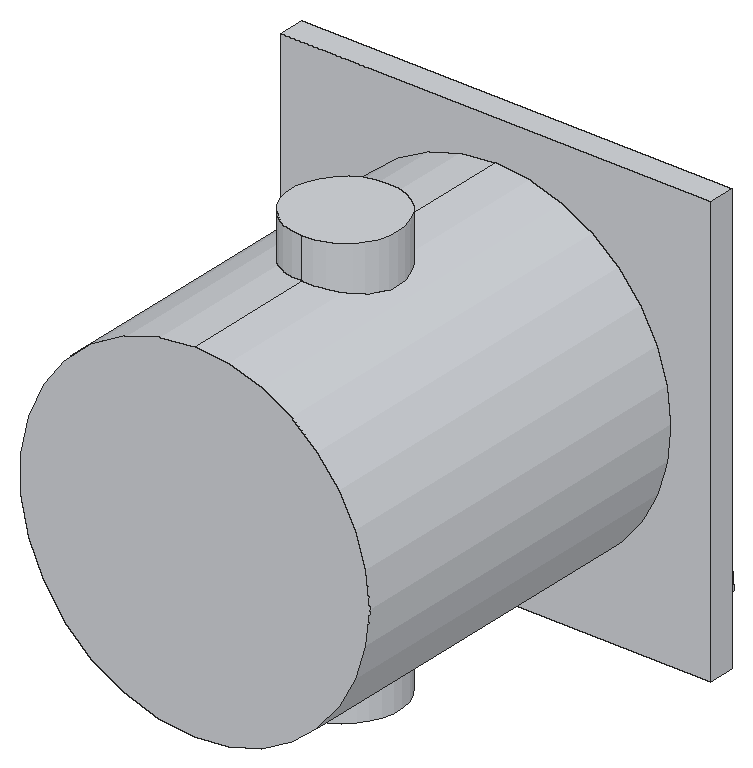
Revit family "LS_Klingel_V1700", category Lichtschalter, Revit 2017
Family settings
  Beschriftungsausrichtung beibehalten = Nein
  Bemaßung runder Anschluss = Durchmesser verwenden
  Teiletyp = Schalter
  OmniClass-Nummer = 23.80.70.00
  OmniClass-Titel = Lighting
  Arbeitsebenenbasiert = Nein
  Immer vertikal = Ja
  Beim Laden mit Abzugskörper schneiden = Nein
  Gemeinsam genutzt = Nein
  Raumberechnungspunkt = Nein
Parameters (values of type "Klingel")
  pbr_Material_KZ = ""
  pbr_Material = none
  pbr_E_Typ = ""
  pbr_E_KZ = ""
  pbr_DINBild = 0
  pbr_Bild = 0
  pbr_3Dx_Delta_Korrekturversatz [instance] = 0 mm
  pbr_3DX_Versatzfaktor [instance] = 0
  pbr_2DY_Versatzfaktor [instance] = 0
  pbr_2DX_Versatzfaktor [instance] = 0
  lfd_STRK [instance] = 0
  cpiFitMatchKey [instance] = "E-DS"
  Zentrale [instance] = ""
  Typ [instance] = ""
  Text3 [instance] = ""
  Text2 [instance] = ""
  Text1 [instance] = ""
  Schaltgruppe2 [instance] = 0
  Schaltgruppe1 [instance] = 0
  Planungsbüro Rohling = "www.pbr.de"
  Netzart = ""
  Menge(Dosenzahl) [instance] = 0
  Linie/Anschluss [instance] = ""
  Lastklassifizierung = none
  Klingel = yes
  Installationsart [instance] = ""
  Info [instance] = ""
  IFC = ""
  Gewerk [instance] = "Schalt"
  Eckversatz [instance] = 0 mm
  YFrontversatz [instance] = if(pbr_2DY_Versatzfaktor = 300, 0 mm, pbr_2DY_Versatzfaktor * 300 mm)  # 0 mm
  XSeitenversatz [instance] = if(pbr_2DX_Versatzfaktor = 0, 3000 mm, 3000 mm + (pbr_2DX_Versatzfaktor * 300 mm)) + Eckversatz  # 3000 mm
  R_Leerrohranschluss = 10 mm
  Niveau [instance] = 1100 mm
  Dosentiefe = 70 mm  # constant formula
  Dosenradius = 65 mm / 2  # 32.5 mm
  D_Leerrohranschluss = 2 * R_Leerrohranschluss  # 20 mm
  Breite = 80 mm
  3DX_Versatzkontrolle [instance] = if(pbr_3DX_Versatzfaktor = 0, (pbr_2DX_Versatzfaktor * -1), (((-1 * pbr_3DX_Versatzfaktor) + pbr_2DX_Versatzfaktor) * -1))  # 0
  3DX_Versatz [instance] = if([3DX_Versatzkontrolle] = 0, 2000 mm, 2000 mm + ([3DX_Versatzkontrolle] * (300 mm - Breite))) + pbr_3Dx_Delta_Korrekturversatz  # 2000 mm
  Platzierrahmen [instance] = no
Reference planes
  plane 1 "Mitte (Vorne/Hinten)": y = 0
  plane 2: z = 0
  plane 3 "Mitte (Links/Rechts)": x = 0
  plane 4: x = -125
  plane 5: x = 125
  plane 6: y = 300
  plane 7 "Schalterhinten": y = 0
  plane 8: x = 0
  plane 9: x = -40
  plane 10: x = 40
  plane 11: z = 1140
  plane 12: z = 1060
  plane 13 "SchalterVorne": y = 5
  plane 14 "3DSchalterMitte": x = 0
  plane 15: z = 1100
  plane 16: y = -70
  plane 17: y = -35
Forms (mm)
  Extrusion 1, solid
    sketch origin (0, 20, 0) x (0, 0, 1) y (-1, 0, 0)
      loop
        line (1060, 40) -> (1060, -40) -> (1140, -40) -> (1140, 40) -> (1060, 40)
    from 15 to 20
  Sweep 2, solid
    path origin (0, 0, 0) x (0, 0, 1) y (0, -1, 0)
      loop
        line (1100, 0) -> (1100, 70)
    profile origin (0, -35, 1100) x (0, 0, -1) y (1, 0, 0)
      loop
        circle (0, 0) r 32.5
  Sweep 3, solid
    path origin (0, 0, 0) x (1, 0, 0) y (0, 1, 0)
      loop
        line (-32.5, 0) -> (32.5, 0)
    profile origin (0, 0, 0) x (0, 1, 0) y (0, 0, 1)
      loop
        line (5, 1135) -> (5, 1066.102) -> (14.712, 1066.102) -> (7.47, 1135) -> (5, 1135)
  Sweep 4, solid
    path origin (0, 0, 0) x (0, 0, 1) y (0, -1, 0)
      loop
        line (1060, 35) -> (1140, 35)
    profile origin (0, -35, 1100) x (0, -1, 0) y (1, 0, 0)
      loop
        circle (0, 0) r 10
Cuts and joins
  joined: Sweep 2, Sweep 4
  joined: Extrusion 1, Sweep 3
Lines and regions (mm)
  model lines, visible <- "Platzierrahmen"
    curve 1: line (-125, 0, 0) -> (125, 0, 0)
    curve 2: line (-125, 300, 0) -> (-125, 0, 0)
    curve 3: line (125, 300, 0) -> (-125, 300, 0)
    curve 4: line (125, 0, 0) -> (125, 300, 0)
Dimensions and locks
  plane 4 to plane 5 = 250 mm
  plane 6 to plane 7 "Schalterhinten" = 300 mm
  equal spacing: plane 4, plane 8, plane 5, locked at 125 each
  "YFrontversatz": plane 1 "Mitte (Vorne/Hinten)" to plane 7 "Schalterhinten"
  plane 10 to plane 9 = 80 mm
  plane 11 to plane 12 = 80 mm
  equal spacing: plane 10, plane 14 "3DSchalterMitte", plane 9
  equal spacing: plane 11, plane 15, plane 12
  "Niveau": plane 15 to level
  "Dosentiefe": plane 1 "Mitte (Vorne/Hinten)" to plane 16
  plane 13 "SchalterVorne" to plane 1 "Mitte (Vorne/Hinten)" = 5 mm
  equal spacing: plane 16, plane 17, plane 1 "Mitte (Vorne/Hinten)"
  Sweep 3 sketch curve to plane 11 = 5 mm
  "Breite": plane 10 to plane 9
  "Dosenradius": radius of Sweep 2 sketch curve
  "R_Leerrohranschluss": radius of Sweep 4 sketch curve
  aligned and locked: level to plane 2
  aligned and locked: curve 1 to plane 7 "Schalterhinten"
  aligned and locked: curve 2 to plane 4
  aligned and locked: curve 3 to plane 6
  aligned and locked: plane 5 to curve 4
  aligned and locked: plane 12 to Extrusion 1 sketch curve
  aligned and locked: Extrusion 1 sketch curve to plane 9
  aligned and locked: Extrusion 1 sketch curve to plane 11
  aligned and locked: plane 10 to Extrusion 1 sketch curve
  aligned and locked: plane 1 "Mitte (Vorne/Hinten)" to Extrusion 1
  aligned and locked: Extrusion 1 to plane 13 "SchalterVorne"
  aligned and locked: plane 3 "Mitte (Links/Rechts)" to nested 1
  aligned and locked: nested 1 to plane 7 "Schalterhinten"
Automatic sketch dimensions
  Sweep 2 sketch curve to plane 15 = 0 mm
  Sweep 2 sketch curve to plane 1 "Mitte (Vorne/Hinten)" = 0 mm
  Sweep 2 sketch curve to plane 16 = 0 mm
  plane 1 "Mitte (Vorne/Hinten)" to Sweep 3 sketch curve = 0 mm
  plane 9 to Sweep 3 sketch curve = 7.5 mm
  Sweep 3 sketch curve to plane 10 = 7.5 mm
  Sweep 3 sketch curve to profile plane = 7.47 mm
  Sweep 3 sketch curve to profile plane = 14.712 mm
  Sweep 3 sketch curve to profile plane = 5 mm
  Sweep 3 sketch curve to Sweep 3 sketch curve = 68.898 mm
  Sweep 4 sketch curve to plane 12 = 0 mm
  plane 11 to Sweep 4 sketch curve = 0 mm
  Sweep 4 sketch curve to plane 17 = 0 mm
  Sweep 2 sketch curve to plane 14 "3DSchalterMitte" = 0 mm
  Sweep 2 sketch curve to profile plane = 0 mm
  Sweep 4 sketch curve to plane 14 "3DSchalterMitte" = 0 mm
  Sweep 4 sketch curve to profile plane = 0 mm
Nested families
  nested 1: "Klingel (INSTA)" at (0, 0, 0), visible <- "Klingel", type "Klingel (INSTA)"
Connectors
  electrical at (0, -35, 1140)
    settings: on cut or joined group of Sweep 2, Sweep 4, index 3, voltage 230 V, apparent load 0 VA, apparent load phase1 0 VA, apparent load phase2 0 VA, apparent load phase3 0 VA, power factor 1, load classification "Standard", number of poles 1, system type 31, power factor state 1, is connector primary yes, connector utility no, sub classification motor no, connector description ""
  cabletrayconduit at (0, -35, 1140), diameter 20, driven by "D_Leerrohranschluss"
    settings: on cut or joined group of Sweep 2, Sweep 4, index 4, connector width 300 mm, connector height 300 mm, connector angle 0.00°, system type 32, placement type 0, profile type 0, connector reference index -1, is primary connector yes, connector utility param no, connector description ""
  cabletrayconduit at (0, -35, 1060), diameter 20, driven by "D_Leerrohranschluss"
    settings: on cut or joined group of Sweep 2, Sweep 4, index 5, connector width 300 mm, connector height 300 mm, connector angle 0.00°, system type 32, placement type 0, profile type 0, connector reference index -1, is primary connector no, connector utility param no, connector description ""
Definition of nested family "Klingel (INSTA)"
  Reference planes
    plane 1 "Mitte (Vorne/Hinten)": y = 0
    plane 2: z = 0
    plane 3 "Mitte (Links/Rechts)": x = 0
  Lines and regions (mm)
    Filled region 1, type "Beton", in view "Referenzebene"
      outline origin (-10.387, 5.107, 0) x (1, 0, 0) y (0, 1, 0)
        loop
          line (-40.266, 176.898) -> (-40.266, 53.629) -> (-23.955, 53.629) -> (-23.955, 95.857) -> (-3.697, 116.115) -> (40.056, 53.629) -> (61.636, 53.629) -> (7.65, 126.922) -> (59.209, 176.898) -> (37.186, 176.898) -> (-23.955, 115.757) -> (-23.955, 176.898) -> (-40.266, 176.898)
    detail lines, in view "Referenzebene"
      curve 1: circle (-0.754, 118.8, 0) r 118.8 normal (0, 0, 1)
      curve 2: circle (-0.754, 118.8, 0) r 81 normal (0, 0, 1)
